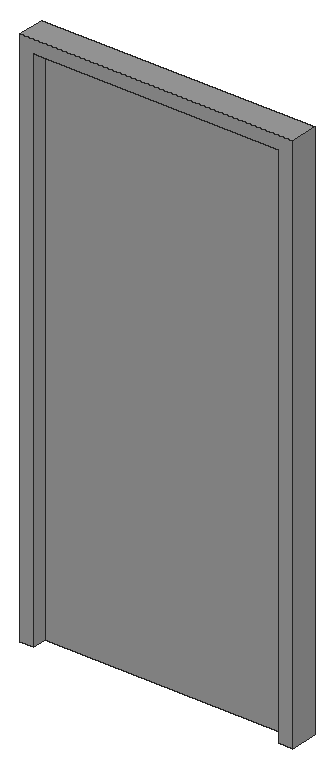
Revit family "TimberDoor-SinglePanel", category Doors, host Wall, Revit 2015
Parameters (values of type "2000h x 1000w")
  Website (Personal) [instance] = "http://revit.sg"
  JOIN ME!- Revit.SG = "http://revit.sg/signup_form.html"
  Function = Interior
  Frame Projection Ext. = 25 mm
  Frame Projection Int. = 25 mm
  Frame Width = 75 mm
  Height = 2000 mm
  Wall Closure = By host
  Width = 1000 mm
  Creator [instance] = "Gary Lim"  # constant formula
Types (3, lengths in mm): name | Website (Personal) | JOIN ME!- Revit.SG | Height | Width
  (no name) | "http://revit.sg" | "http://revit.sg/signup_form.html" | 2000 | 1000
  2000h x 1000w | "http://revit.sg" | "http://revit.sg/signup_form.html" | 2000 | 1000
  2200h x 1200w | "" | "" | 2200 | 1200
Reference planes
  plane 1: y = 0
  plane 2 "Center (Left/Right)": x = 0
  plane 3 "Left": x = -500
  plane 4 "Right": x = 500
  plane 5: z = 2000
  plane 6 "Exterior": y = 75
  plane 7 "Interior": y = -75
  plane 8: z = 1000
Forms (mm)
  Sweep 1, solid, material "Wood"
    path origin (0, 75, 0) x (1, 0, 0) y (0, 0, 1)
      loop
        line (500, 0) -> (500, 2000) -> (-500, 2000) -> (-500, 0)
    profile origin (500, 75, 1000) x (-1, 0, 0) y (0, -1, 0)
      loop
        line (0, 0) -> (50, 0) -> (50, 100) -> (0, 100) -> (0, 0)
  Extrusion 2, solid, material "Wood"
    sketch origin (0, 75, 0) x (1, 0, 0) y (0, 0, 1)
      loop
        line (450, 1950) -> (-450, 1950) -> (-450, 0) -> (450, 0) -> (450, 1950)
    from 0 to 50
Lines and regions (mm)
  Opening 1
    outline origin (-3050, -75, 0) x (1, 0, 0) y (0, 0, 1)
      loop
        line (2550, 0) -> (3550, 0) -> (3550, 2000) -> (2550, 2000) -> (2550, 0)
  symbolic lines, style "Elevation Swing"
    curve 1: arc (400, 925, 0) -> (-201.041, 676.041, 0) -> (-450, 75, 0) r 850
    curve 6: line (-450, 75, 0) -> (450, 75, 1000)
    curve 7: line (450, 75, 1000) -> (-450, 75, 1950)
  symbolic lines, style "DoorsPanelProjection"
    curve 2: line (450, 75, 0) -> (400, 75, 0)
    curve 3: line (450, 925, 0) -> (450, 75, 0)
    curve 4: line (400, 925, 0) -> (450, 925, 0)
    curve 5: line (400, 75, 0) -> (400, 925, 0)
Text (mm)
  text "Exterior" at (-2295.016, 1099.543, 0), in view "Ref. Level"
  text "Exterior" at (0, 1615.38, 3698.081), in view "Left"
  text "Exterior" at (0, 1036.032, 3874.932), in view "Right"
Dimensions and locks
  equal spacing: plane 3 "Left", plane 2 "Center (Left/Right)", plane 4 "Right"
  "Width": plane 3 "Left" to plane 4 "Right"
  "Height": plane 5 to host wall
  host wall to plane 5 = 2000 mm  (x2)
  locked: plane 6 "Exterior" to host wall at 0
  locked: plane 7 "Interior" to host wall
  equal spacing: level, plane 8, plane 5
  aligned and locked: plane 3 "Left" to Opening 1 sketch curve
  aligned and locked: plane 5 to Opening 1 sketch curve  (x2)
  aligned and locked: Opening 1 sketch curve to plane 4 "Right"
  aligned and locked: Opening 1 sketch curve to level
  aligned and locked: plane 1 to host wall
  aligned and locked: Sweep 1 sketch curve to host wall
  aligned and locked: Extrusion 2 sketch curve to Sweep 1  (x3)
  aligned and locked: Sweep 1 to Extrusion 2 sketch curve
  aligned and locked: host wall to Extrusion 2
  aligned and locked: Extrusion 2 to curve 1
  aligned and locked: curve 7 to Sweep 1  (x2)
  aligned and locked: Sweep 1 to curve 6
  aligned and locked: plane 8 to curve 6
  aligned and locked: Sweep 1 sketch curve to plane 6 "Exterior"
Automatic sketch dimensions
  plane 3 "Left" to Sweep 1 sketch curve = 0 mm
  plane 4 "Right" to Sweep 1 sketch curve = 0 mm
  Sweep 1 sketch curve to level = 0 mm  (x2)
  Sweep 1 sketch curve to plane 5 = 0 mm
  Sweep 1 sketch curve to profile plane = 50 mm
  Sweep 1 sketch curve to Sweep 1 sketch curve = 100 mm
  curve 1 to plane 3 "Left" = 50 mm
  plane 4 "Right" to curve 2 = 100 mm
  curve 1 to curve 3 = 50 mm
  curve 5 to host wall = 0 mm
  curve 6 to level = 0 mm
  plane 5 to curve 7 = 50 mm
